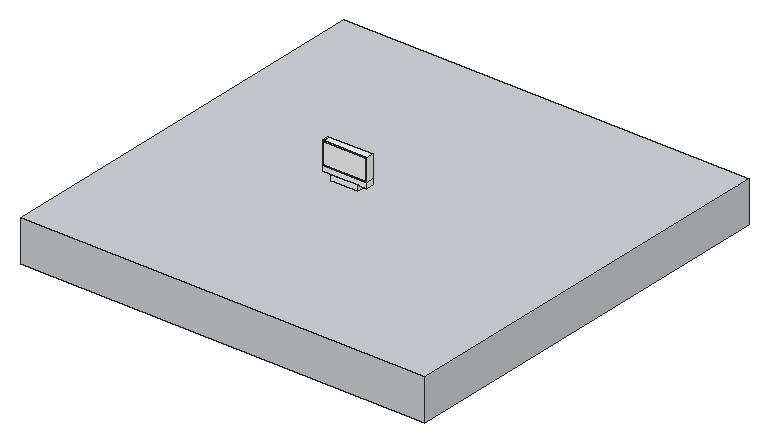
Revit family "Zumtobel ECOSIGN_PL", category Lighting Fixtures, host Face, Revit 2018
Family settings
  Host = Face
  Round Connector Dimension = Use Diameter
  Part Type = Normal
  OmniClass Number = 23.80.70.11
  OmniClass Title = Luminaries for Internal Lighting
  Cut with Voids When Loaded = No
  Light Source = Yes
  Shared = No
  Room Calculation Point = No
Parameters (values of type "ECOSIGN AB RZ 1UL")
  Width = 330.4 mm  # constant formula
  Wattage Comments = ""
  Wattage = 1.32622 W
  built-in parameter 1150110 = 1 (stored number, unit not read)
  Voltage = 230 V
  URL = "www.zumtobel.de/42180506"
  Type Comments = "© Zumtobel. We reserve the right to make technical changes without prior notice."  # constant formula
  built-in parameter 1114217 = 1 (stored number, unit not read)
  Tilt Angle = 180.00°
  built-in parameter 1150109 = 1 (stored number, unit not read)
  built-in parameter 1150134 = 12
  built-in parameter 1150113 = 1 (stored number, unit not read)
  Photometric Web File = "42180506+22166875_(STD).IES"
  built-in parameter 1150105 = 15.677 (stored number, unit not read)
  Lumens = 197 lm
  built-in parameter 1150115 = 1 (stored number, unit not read)
  built-in parameter 1150137 = (empty or 0)
  built-in parameter 1150139 = (empty or 0)
  built-in parameter 1150112 = 1 (stored number, unit not read)
  built-in parameter 1150114 = 1 (stored number, unit not read)
  built-in parameter 1150132 = 2
  built-in parameter 1150102 = (empty or 0)
  built-in parameter 1150107 = 4000 (stored number, unit not read)
  built-in parameter 1150138 = (empty or 0)
  built-in parameter 1150106 = 0.15677 (stored number, unit not read)
  Height = 238 mm  # constant formula
  Escape Sign 2 U = no
  Escape Sign 2 O = no
  Escape Sign 2 LR = no
  Escape Sign 2 UL = no
  Escape Sign 1 U = no
  Escape Sign 1 O = no
  Escape Sign 1 LR = no
  Escape Sign 1 Back Cover = yes
  Escape Sign 1 UL = yes
  Emit from Rectangle Width = 156.2 mm  # constant formula
  Emit from Rectangle Length = 320.6 mm  # constant formula
  Emit Shape Visible in Rendering = no
  built-in parameter 1150104 = 13.8 (stored number, unit not read)
  Dimming Lamp Color Temperature Shift = <None>
  Depth = 54 mm  # constant formula
  Model = "42180506"
  Manufacturer = "Zumtobel Lighting"  # constant formula
  Lamp = "LED"
  Description = "Escape sign LED luminaire ceiling surface-mount"
  Default Elevation = 0 mm
  Color Filter = 16777215
  Body = Zumtobel_Metal_White
  built-in parameter 1114218 = 1 (stored number, unit not read)
  built-in parameter 1150133 = 10 (stored number, unit not read)
  Assembly Code = "D5020200"
  Apparent Load = 5.5 VA
Types (8, lengths in mm): name | Photometric Web File | Escape Sign 2 U | Escape Sign 2 O | Escape Sign 2 LR | Escape Sign 2 UL | Escape Sign 1 U | Escape Sign 1 O | Escape Sign 1 LR | Escape Sign 1 Back Cover | Escape Sign 1 UL | Model
  ECOSIGN AB RZ 2LR | "42180506+22166875_(STD).IES" | no | no | yes | no | no | no | no | no | no | "42180506+22166875"
  ECOSIGN AB RZ 2U | "42180506+22166875_(STD).IES" | yes | no | no | no | no | no | no | no | no | "42180506+22166877"
  ECOSIGN AB RZ 2O | "42180506+22166875_(STD).IES" | no | yes | no | no | no | no | no | no | no | "42180506+22900372"
  ECOSIGN AB RZ 1U | "42180506+22166881_(STD).IES" | no | no | no | no | yes | no | no | yes | no | "42180506+22166876"
  ECOSIGN AB RZ 1O | "42180506+22166881_(STD).IES" | no | no | no | no | no | yes | no | yes | no | "42180506+22900372"
  ECOSIGN AB RZ 1LR | "42180506+22166881_(STD).IES" | no | no | no | no | no | no | yes | yes | no | "42180506+22166880/22166881"
  ECOSIGN aB RZ 2UL | "42180506+22166875_(STD).IES" | no | no | no | yes | no | no | no | no | no | "42180506"
  ECOSIGN AB RZ 1UL | "42180506+22166875_(STD).IES" | no | no | no | no | no | no | no | yes | yes | "42180506"
Reference planes
  plane 1 "Center (Front/Back)": y = 0
  plane 2 "Bottom": z = 0
  plane 3 "Center (Left/Right)": x = -735.5
  plane 4: x = -570.3
  plane 5: x = -900.7
  plane 6: z = 38
  plane 7: z = 78
  plane 8: z = 244
  plane 9: y = 27
  plane 10: y = -27
  plane 11: z = 161
Forms (mm)
  Extrusion 1, solid
    sketch origin (123, 0, 0) x (1, 0, 0) y (0, 1, 0)
      loop
        line (-2085.5, 1500) -> (-2085.5, -1500) -> (914.5, -1500) -> (914.5, 1500) -> (-2085.5, 1500)
    from 0 to -304.8
  Extrusion 2, solid, material "Zumtobel_Metal_White" <- "Body"
    sketch origin (0, 0, 0) x (1, 0, 0) y (0, 1, 0)
      loop
        line (-835.25, 27) -> (-835.25, -27) -> (-635.75, -27) -> (-635.75, 27) -> (-835.25, 27)
    from 38 to 0
  Extrusion 3, solid, material "Zumtobel_Escape_Sign_Green_Self_Illumination", visible <- "Escape Sign 2 O"
    sketch origin (0, 0, 0) x (1, 0, 0) y (0, 0, 1)
      loop
        line (-655.774, 169.161) -> (-653.657, 189.828)
        arc (-653.657, 189.828) -> (-652.107, 193.57) -> (-648.365, 195.12) r 5.292
        line (-648.365, 195.12) -> (-608.257, 195.12)
        arc (-608.257, 195.12) -> (-613.738, 187.311) -> (-622.796, 184.313) r 15.184
        line (-622.796, 184.313) -> (-640.511, 184.313)
        arc (-640.511, 184.313) -> (-642.165, 183.628) -> (-642.85, 181.974) r 2.34
        line (-642.85, 181.974) -> (-643.853, 166.487)
        arc (-643.853, 166.487) -> (-644.617, 161.105) -> (-646.193, 155.903) r 35.586
        line (-646.193, 155.903) -> (-654.047, 140.027) -> (-644.187, 140.027)
        arc (-644.187, 140.027) -> (-643.359, 140.413) -> (-642.739, 141.085) r 2.362
        line (-642.739, 141.085) -> (-634.959, 153.769)
        arc (-634.959, 153.769) -> (-628.608, 155.291) -> (-627.085, 148.94) r 4.619
        line (-627.085, 148.94) -> (-634.996, 135.793)
        arc (-634.996, 135.793) -> (-638.977, 132.155) -> (-644.299, 131.281) r 9.469
        line (-644.299, 131.281) -> (-669.701, 131.281)
        arc (-669.701, 131.281) -> (-675.523, 133.478) -> (-680.12, 137.671) r 16.531
        line (-680.12, 137.671) -> (-688.752, 149.218) -> (-702.345, 149.218) -> (-702.345, 97.579) -> (-619.621, 97.579) -> (-619.621, 182.022)
        arc (-619.621, 182.022) -> (-610.679, 186.511) -> (-605.583, 195.12) r 17.761
        line (-605.583, 195.12) -> (-605.583, 197.85) -> (-619.621, 197.85) -> (-619.621, 216.01) -> (-611.16, 224.471) -> (-665.804, 224.471) -> (-673.623, 217.172)
        arc (-673.623, 217.172) -> (-676.608, 215.207) -> (-680.075, 214.339) r 10.65
        line (-680.075, 214.339) -> (-689.031, 214.339) -> (-678.451, 224.471) -> (-693.884, 224.471) -> (-702.345, 216.01) -> (-702.345, 158.855) -> (-686.524, 158.855)
        arc (-686.524, 158.855) -> (-683.383, 157.484) -> (-680.898, 155.123) r 9.899
        line (-680.898, 155.123) -> (-674.714, 146.767) -> (-667.082, 162.755) -> (-690.869, 211.498) -> (-680.898, 211.498)
        arc (-680.898, 211.498) -> (-678.287, 210.785) -> (-676.4, 208.845) r 5.139
        line (-676.4, 208.845) -> (-655.774, 169.161)
      loop
        circle (-672.303, 119.397) r 9.894
      loop
        line (-575.182, 82.882) -> (-575.182, 239.118) -> (-895.818, 239.118) -> (-895.818, 82.882) -> (-575.182, 82.882)
      loop
        line (-823.71, 211.372) -> (-823.71, 158.399) -> (-854.217, 191.113) -> (-854.217, 157.291) -> (-810.703, 110.628) -> (-767.19, 157.291) -> (-767.19, 191.113) -> (-797.697, 158.399) -> (-797.697, 211.372) -> (-823.71, 211.372)
    from -27 to 27
  Extrusion 4, solid, material "Zumtobel_Escape_Sign_White_Self_Illumination", visible <- "Escape Sign 2 O"
    sketch origin (0, 0, 0) x (1, 0, 0) y (0, 0, 1)
      loop
        line (-655.774, 169.161) -> (-653.657, 189.828)
        arc (-653.657, 189.828) -> (-652.107, 193.57) -> (-648.365, 195.12) r 5.292
        line (-648.365, 195.12) -> (-608.257, 195.12)
        arc (-608.257, 195.12) -> (-613.738, 187.311) -> (-622.796, 184.313) r 15.184
        line (-622.796, 184.313) -> (-640.511, 184.313)
        arc (-640.511, 184.313) -> (-642.165, 183.628) -> (-642.85, 181.974) r 2.34
        line (-642.85, 181.974) -> (-643.853, 166.487)
        arc (-643.853, 166.487) -> (-644.617, 161.105) -> (-646.193, 155.903) r 35.586
        line (-646.193, 155.903) -> (-654.047, 140.027) -> (-644.187, 140.027)
        arc (-644.187, 140.027) -> (-643.359, 140.413) -> (-642.739, 141.085) r 2.362
        line (-642.739, 141.085) -> (-634.959, 153.769)
        arc (-634.959, 153.769) -> (-628.608, 155.291) -> (-627.085, 148.94) r 4.619
        line (-627.085, 148.94) -> (-634.996, 135.793)
        arc (-634.996, 135.793) -> (-638.977, 132.155) -> (-644.299, 131.281) r 9.469
        line (-644.299, 131.281) -> (-669.701, 131.281)
        arc (-669.701, 131.281) -> (-675.523, 133.478) -> (-680.12, 137.671) r 16.531
        line (-680.12, 137.671) -> (-688.752, 149.218) -> (-702.345, 149.218) -> (-702.345, 97.579) -> (-619.621, 97.579) -> (-619.621, 182.022)
        arc (-619.621, 182.022) -> (-610.679, 186.511) -> (-605.583, 195.12) r 17.761
        line (-605.583, 195.12) -> (-605.583, 197.85) -> (-619.621, 197.85) -> (-619.621, 216.01) -> (-611.16, 224.471) -> (-665.804, 224.471) -> (-673.623, 217.172)
        arc (-673.623, 217.172) -> (-676.608, 215.207) -> (-680.075, 214.339) r 10.65
        line (-680.075, 214.339) -> (-689.031, 214.339) -> (-678.451, 224.471) -> (-693.884, 224.471) -> (-702.345, 216.01) -> (-702.345, 158.855) -> (-686.524, 158.855)
        arc (-686.524, 158.855) -> (-683.383, 157.484) -> (-680.898, 155.123) r 9.899
        line (-680.898, 155.123) -> (-674.714, 146.767) -> (-667.082, 162.755) -> (-690.869, 211.498) -> (-680.898, 211.498)
        arc (-680.898, 211.498) -> (-678.287, 210.785) -> (-676.4, 208.845) r 5.139
        line (-676.4, 208.845) -> (-655.774, 169.161)
      loop
        circle (-672.303, 119.397) r 9.894
      loop
        line (-823.71, 211.372) -> (-823.71, 158.399) -> (-854.217, 191.113) -> (-854.217, 157.291) -> (-810.703, 110.628) -> (-767.19, 157.291) -> (-767.19, 191.113) -> (-797.697, 158.399) -> (-797.697, 211.372) -> (-823.71, 211.372)
    from -27 to 27
  Extrusion 5, solid, material "Zumtobel_Metal_White" <- "Body"
    sketch origin (0, 0, 0) x (1, 0, 0) y (0, 0, 1)
      loop
        line (-895.818, 239.118) -> (-895.818, 82.882) -> (-575.182, 82.882) -> (-575.182, 239.118) -> (-895.818, 239.118)
      loop
        line (-900.7, 244) -> (-900.7, 78) -> (-570.3, 78) -> (-570.3, 244) -> (-900.7, 244)
    from -27 to 27
  Extrusion 6, solid, material "Zumtobel_Escape_Sign_Green_Self_Illumination", visible <- "Escape Sign 2 LR"
    sketch origin (0, 0, 0) x (1, 0, 0) y (0, 0, 1)
      loop
        line (-655.774, 169.161) -> (-653.657, 189.828)
        arc (-653.657, 189.828) -> (-652.107, 193.57) -> (-648.365, 195.12) r 5.292
        line (-648.365, 195.12) -> (-608.257, 195.12)
        arc (-608.257, 195.12) -> (-613.738, 187.311) -> (-622.796, 184.313) r 15.184
        line (-622.796, 184.313) -> (-640.511, 184.313)
        arc (-640.511, 184.313) -> (-642.165, 183.628) -> (-642.85, 181.974) r 2.34
        line (-642.85, 181.974) -> (-643.853, 166.487)
        arc (-643.853, 166.487) -> (-644.617, 161.105) -> (-646.193, 155.903) r 35.586
        line (-646.193, 155.903) -> (-654.047, 140.027) -> (-644.187, 140.027)
        arc (-644.187, 140.027) -> (-643.359, 140.413) -> (-642.739, 141.085) r 2.362
        line (-642.739, 141.085) -> (-634.959, 153.769)
        arc (-634.959, 153.769) -> (-628.608, 155.291) -> (-627.085, 148.94) r 4.619
        line (-627.085, 148.94) -> (-634.996, 135.793)
        arc (-634.996, 135.793) -> (-638.977, 132.155) -> (-644.299, 131.281) r 9.469
        line (-644.299, 131.281) -> (-669.701, 131.281)
        arc (-669.701, 131.281) -> (-675.523, 133.478) -> (-680.12, 137.671) r 16.531
        line (-680.12, 137.671) -> (-688.752, 149.218) -> (-702.345, 149.218) -> (-702.345, 97.579) -> (-619.621, 97.579) -> (-619.621, 182.022)
        arc (-619.621, 182.022) -> (-610.679, 186.511) -> (-605.583, 195.12) r 17.761
        line (-605.583, 195.12) -> (-605.583, 197.85) -> (-619.621, 197.85) -> (-619.621, 216.01) -> (-611.16, 224.471) -> (-665.804, 224.471) -> (-673.623, 217.172)
        arc (-673.623, 217.172) -> (-676.608, 215.207) -> (-680.075, 214.339) r 10.65
        line (-680.075, 214.339) -> (-689.031, 214.339) -> (-678.451, 224.471) -> (-693.884, 224.471) -> (-702.345, 216.01) -> (-702.345, 158.855) -> (-686.524, 158.855)
        arc (-686.524, 158.855) -> (-683.383, 157.484) -> (-680.898, 155.123) r 9.899
        line (-680.898, 155.123) -> (-674.714, 146.767) -> (-667.082, 162.755) -> (-690.869, 211.498) -> (-680.898, 211.498)
        arc (-680.898, 211.498) -> (-678.287, 210.785) -> (-676.4, 208.845) r 5.139
        line (-676.4, 208.845) -> (-655.774, 169.161)
      loop
        line (-760.804, 147.52) -> (-760.804, 173.534) -> (-813.778, 173.534) -> (-781.063, 204.041) -> (-814.886, 204.041) -> (-861.549, 160.527) -> (-814.886, 117.013) -> (-781.063, 117.013) -> (-813.778, 147.52) -> (-760.804, 147.52)
      loop
        circle (-672.303, 119.397) r 9.894
      loop
        line (-575.182, 82.882) -> (-575.182, 239.118) -> (-895.818, 239.118) -> (-895.818, 82.882) -> (-575.182, 82.882)
    from -27 to 27
  Extrusion 7, solid, material "Zumtobel_Escape_Sign_White_Self_Illumination", visible <- "Escape Sign 2 LR"
    sketch origin (0, 0, 0) x (1, 0, 0) y (0, 0, 1)
      loop
        line (-655.774, 169.161) -> (-653.657, 189.828)
        arc (-653.657, 189.828) -> (-652.107, 193.57) -> (-648.365, 195.12) r 5.292
        line (-648.365, 195.12) -> (-608.257, 195.12)
        arc (-608.257, 195.12) -> (-613.738, 187.311) -> (-622.796, 184.313) r 15.184
        line (-622.796, 184.313) -> (-640.511, 184.313)
        arc (-640.511, 184.313) -> (-642.165, 183.628) -> (-642.85, 181.974) r 2.34
        line (-642.85, 181.974) -> (-643.853, 166.487)
        arc (-643.853, 166.487) -> (-644.617, 161.105) -> (-646.193, 155.903) r 35.586
        line (-646.193, 155.903) -> (-654.047, 140.027) -> (-644.187, 140.027)
        arc (-644.187, 140.027) -> (-643.359, 140.413) -> (-642.739, 141.085) r 2.362
        line (-642.739, 141.085) -> (-634.959, 153.769)
        arc (-634.959, 153.769) -> (-628.608, 155.291) -> (-627.085, 148.94) r 4.619
        line (-627.085, 148.94) -> (-634.996, 135.793)
        arc (-634.996, 135.793) -> (-638.977, 132.155) -> (-644.299, 131.281) r 9.469
        line (-644.299, 131.281) -> (-669.701, 131.281)
        arc (-669.701, 131.281) -> (-675.523, 133.478) -> (-680.12, 137.671) r 16.531
        line (-680.12, 137.671) -> (-688.752, 149.218) -> (-702.345, 149.218) -> (-702.345, 97.579) -> (-619.621, 97.579) -> (-619.621, 182.022)
        arc (-619.621, 182.022) -> (-610.679, 186.511) -> (-605.583, 195.12) r 17.761
        line (-605.583, 195.12) -> (-605.583, 197.85) -> (-619.621, 197.85) -> (-619.621, 216.01) -> (-611.16, 224.471) -> (-665.804, 224.471) -> (-673.623, 217.172)
        arc (-673.623, 217.172) -> (-676.608, 215.207) -> (-680.075, 214.339) r 10.65
        line (-680.075, 214.339) -> (-689.031, 214.339) -> (-678.451, 224.471) -> (-693.884, 224.471) -> (-702.345, 216.01) -> (-702.345, 158.855) -> (-686.524, 158.855)
        arc (-686.524, 158.855) -> (-683.383, 157.484) -> (-680.898, 155.123) r 9.899
        line (-680.898, 155.123) -> (-674.714, 146.767) -> (-667.082, 162.755) -> (-690.869, 211.498) -> (-680.898, 211.498)
        arc (-680.898, 211.498) -> (-678.287, 210.785) -> (-676.4, 208.845) r 5.139
        line (-676.4, 208.845) -> (-655.774, 169.161)
      loop
        line (-760.804, 147.52) -> (-760.804, 173.534) -> (-813.778, 173.534) -> (-781.063, 204.041) -> (-814.886, 204.041) -> (-861.549, 160.527) -> (-814.886, 117.013) -> (-781.063, 117.013) -> (-813.778, 147.52) -> (-760.804, 147.52)
      loop
        circle (-672.303, 119.397) r 9.894
    from -27 to 27
  Extrusion 8, solid, material "Zumtobel_Escape_Sign_Green_Self_Illumination", visible <- "Escape Sign 2 U"
    sketch origin (0, 0, 0) x (1, 0, 0) y (0, 0, 1)
      loop
        line (-655.774, 169.161) -> (-653.657, 189.828)
        arc (-653.657, 189.828) -> (-652.107, 193.57) -> (-648.365, 195.12) r 5.292
        line (-648.365, 195.12) -> (-608.257, 195.12)
        arc (-608.257, 195.12) -> (-613.738, 187.311) -> (-622.796, 184.313) r 15.184
        line (-622.796, 184.313) -> (-640.511, 184.313)
        arc (-640.511, 184.313) -> (-642.165, 183.628) -> (-642.85, 181.974) r 2.34
        line (-642.85, 181.974) -> (-643.853, 166.487)
        arc (-643.853, 166.487) -> (-644.617, 161.105) -> (-646.193, 155.903) r 35.586
        line (-646.193, 155.903) -> (-654.047, 140.027) -> (-644.187, 140.027)
        arc (-644.187, 140.027) -> (-643.359, 140.413) -> (-642.739, 141.085) r 2.362
        line (-642.739, 141.085) -> (-634.959, 153.769)
        arc (-634.959, 153.769) -> (-628.608, 155.291) -> (-627.085, 148.94) r 4.619
        line (-627.085, 148.94) -> (-634.996, 135.793)
        arc (-634.996, 135.793) -> (-638.977, 132.155) -> (-644.299, 131.281) r 9.469
        line (-644.299, 131.281) -> (-669.701, 131.281)
        arc (-669.701, 131.281) -> (-675.523, 133.478) -> (-680.12, 137.671) r 16.531
        line (-680.12, 137.671) -> (-688.752, 149.218) -> (-702.345, 149.218) -> (-702.345, 97.579) -> (-619.621, 97.579) -> (-619.621, 182.022)
        arc (-619.621, 182.022) -> (-610.679, 186.511) -> (-605.583, 195.12) r 17.761
        line (-605.583, 195.12) -> (-605.583, 197.85) -> (-619.621, 197.85) -> (-619.621, 216.01) -> (-611.16, 224.471) -> (-665.804, 224.471) -> (-673.623, 217.172)
        arc (-673.623, 217.172) -> (-676.608, 215.207) -> (-680.075, 214.339) r 10.65
        line (-680.075, 214.339) -> (-689.031, 214.339) -> (-678.451, 224.471) -> (-693.884, 224.471) -> (-702.345, 216.01) -> (-702.345, 158.855) -> (-686.524, 158.855)
        arc (-686.524, 158.855) -> (-683.383, 157.484) -> (-680.898, 155.123) r 9.899
        line (-680.898, 155.123) -> (-674.714, 146.767) -> (-667.082, 162.755) -> (-690.869, 211.498) -> (-680.898, 211.498)
        arc (-680.898, 211.498) -> (-678.287, 210.785) -> (-676.4, 208.845) r 5.139
        line (-676.4, 208.845) -> (-655.774, 169.161)
      loop
        circle (-672.303, 119.397) r 9.894
      loop
        line (-575.182, 82.882) -> (-575.182, 239.118) -> (-895.818, 239.118) -> (-895.818, 82.882) -> (-575.182, 82.882)
      loop
        line (-797.697, 110.628) -> (-797.697, 163.601) -> (-767.19, 130.887) -> (-767.19, 164.709) -> (-810.703, 211.372) -> (-854.217, 164.709) -> (-854.217, 130.887) -> (-823.71, 163.601) -> (-823.71, 110.628) -> (-797.697, 110.628)
    from -27 to 27
  Extrusion 9, solid, material "Zumtobel_Escape_Sign_White_Self_Illumination", visible <- "Escape Sign 2 U"
    sketch origin (0, 0, 0) x (1, 0, 0) y (0, 0, 1)
      loop
        line (-655.774, 169.161) -> (-653.657, 189.828)
        arc (-653.657, 189.828) -> (-652.107, 193.57) -> (-648.365, 195.12) r 5.292
        line (-648.365, 195.12) -> (-608.257, 195.12)
        arc (-608.257, 195.12) -> (-613.738, 187.311) -> (-622.796, 184.313) r 15.184
        line (-622.796, 184.313) -> (-640.511, 184.313)
        arc (-640.511, 184.313) -> (-642.165, 183.628) -> (-642.85, 181.974) r 2.34
        line (-642.85, 181.974) -> (-643.853, 166.487)
        arc (-643.853, 166.487) -> (-644.617, 161.105) -> (-646.193, 155.903) r 35.586
        line (-646.193, 155.903) -> (-654.047, 140.027) -> (-644.187, 140.027)
        arc (-644.187, 140.027) -> (-643.359, 140.413) -> (-642.739, 141.085) r 2.362
        line (-642.739, 141.085) -> (-634.959, 153.769)
        arc (-634.959, 153.769) -> (-628.608, 155.291) -> (-627.085, 148.94) r 4.619
        line (-627.085, 148.94) -> (-634.996, 135.793)
        arc (-634.996, 135.793) -> (-638.977, 132.155) -> (-644.299, 131.281) r 9.469
        line (-644.299, 131.281) -> (-669.701, 131.281)
        arc (-669.701, 131.281) -> (-675.523, 133.478) -> (-680.12, 137.671) r 16.531
        line (-680.12, 137.671) -> (-688.752, 149.218) -> (-702.345, 149.218) -> (-702.345, 97.579) -> (-619.621, 97.579) -> (-619.621, 182.022)
        arc (-619.621, 182.022) -> (-610.679, 186.511) -> (-605.583, 195.12) r 17.761
        line (-605.583, 195.12) -> (-605.583, 197.85) -> (-619.621, 197.85) -> (-619.621, 216.01) -> (-611.16, 224.471) -> (-665.804, 224.471) -> (-673.623, 217.172)
        arc (-673.623, 217.172) -> (-676.608, 215.207) -> (-680.075, 214.339) r 10.65
        line (-680.075, 214.339) -> (-689.031, 214.339) -> (-678.451, 224.471) -> (-693.884, 224.471) -> (-702.345, 216.01) -> (-702.345, 158.855) -> (-686.524, 158.855)
        arc (-686.524, 158.855) -> (-683.383, 157.484) -> (-680.898, 155.123) r 9.899
        line (-680.898, 155.123) -> (-674.714, 146.767) -> (-667.082, 162.755) -> (-690.869, 211.498) -> (-680.898, 211.498)
        arc (-680.898, 211.498) -> (-678.287, 210.785) -> (-676.4, 208.845) r 5.139
        line (-676.4, 208.845) -> (-655.774, 169.161)
      loop
        circle (-672.303, 119.397) r 9.894
      loop
        line (-797.697, 110.628) -> (-797.697, 163.601) -> (-767.19, 130.887) -> (-767.19, 164.709) -> (-810.703, 211.372) -> (-854.217, 164.709) -> (-854.217, 130.887) -> (-823.71, 163.601) -> (-823.71, 110.628) -> (-797.697, 110.628)
    from -27 to 27
  Extrusion 10, solid, material "Zumtobel_Metal_White" <- "Body"
    sketch origin (0, 0, 38) x (1, 0, 0) y (0, 1, 0)
      loop
        line (-900.7, 27) -> (-900.7, -27) -> (-570.3, -27) -> (-570.3, 27) -> (-900.7, 27)
    from 40 to 0
  Extrusion 11, solid, material "Zumtobel_Escape_Sign_Green_Self_Illumination", visible <- "Escape Sign 1 O"
    sketch origin (-3000, 0, 0) x (1, 0, 0) y (0, 0, 1)
      loop
        line (2344.226, 169.161) -> (2346.343, 189.828)
        arc (2346.343, 189.828) -> (2347.893, 193.57) -> (2351.635, 195.12) r 5.292
        line (2351.635, 195.12) -> (2391.743, 195.12)
        arc (2391.743, 195.12) -> (2386.262, 187.311) -> (2377.204, 184.313) r 15.184
        line (2377.204, 184.313) -> (2359.489, 184.313)
        arc (2359.489, 184.313) -> (2357.835, 183.628) -> (2357.15, 181.974) r 2.34
        line (2357.15, 181.974) -> (2356.147, 166.487)
        arc (2356.147, 166.487) -> (2355.383, 161.105) -> (2353.807, 155.903) r 35.586
        line (2353.807, 155.903) -> (2345.953, 140.027) -> (2355.813, 140.027)
        arc (2355.813, 140.027) -> (2356.641, 140.413) -> (2357.261, 141.085) r 2.362
        line (2357.261, 141.085) -> (2365.041, 153.769)
        arc (2365.041, 153.769) -> (2371.392, 155.291) -> (2372.915, 148.94) r 4.619
        line (2372.915, 148.94) -> (2365.004, 135.793)
        arc (2365.004, 135.793) -> (2361.023, 132.155) -> (2355.701, 131.281) r 9.469
        line (2355.701, 131.281) -> (2330.299, 131.281)
        arc (2330.299, 131.281) -> (2324.477, 133.478) -> (2319.88, 137.671) r 16.531
        line (2319.88, 137.671) -> (2311.248, 149.218) -> (2297.655, 149.218) -> (2297.655, 97.579) -> (2380.379, 97.579) -> (2380.379, 182.022)
        arc (2380.379, 182.022) -> (2389.321, 186.511) -> (2394.417, 195.12) r 17.761
        line (2394.417, 195.12) -> (2394.417, 197.85) -> (2380.379, 197.85) -> (2380.379, 216.01) -> (2388.84, 224.471) -> (2334.196, 224.471) -> (2326.377, 217.172)
        arc (2326.377, 217.172) -> (2323.392, 215.207) -> (2319.925, 214.339) r 10.65
        line (2319.925, 214.339) -> (2310.969, 214.339) -> (2321.549, 224.471) -> (2306.116, 224.471) -> (2297.655, 216.01) -> (2297.655, 158.855) -> (2313.476, 158.855)
        arc (2313.476, 158.855) -> (2316.617, 157.484) -> (2319.102, 155.123) r 9.899
        line (2319.102, 155.123) -> (2325.286, 146.767) -> (2332.918, 162.755) -> (2309.131, 211.498) -> (2319.102, 211.498)
        arc (2319.102, 211.498) -> (2321.713, 210.785) -> (2323.6, 208.845) r 5.139
        line (2323.6, 208.845) -> (2344.226, 169.161)
      loop
        circle (2327.697, 119.397) r 9.894
      loop
        line (2424.818, 82.882) -> (2424.818, 239.118) -> (2104.182, 239.118) -> (2104.182, 82.882) -> (2424.818, 82.882)
      loop
        line (2176.29, 211.372) -> (2176.29, 158.399) -> (2145.783, 191.113) -> (2145.783, 157.291) -> (2189.297, 110.628) -> (2232.81, 157.291) -> (2232.81, 191.113) -> (2202.303, 158.399) -> (2202.303, 211.372) -> (2176.29, 211.372)
    from -27 to -17
  Extrusion 12, solid, material "Zumtobel_Escape_Sign_White_Self_Illumination", visible <- "Escape Sign 1 O"
    sketch origin (-3500, 0, 0) x (1, 0, 0) y (0, 0, 1)
      loop
        line (2844.226, 169.161) -> (2846.343, 189.828)
        arc (2846.343, 189.828) -> (2847.893, 193.57) -> (2851.635, 195.12) r 5.292
        line (2851.635, 195.12) -> (2891.743, 195.12)
        arc (2891.743, 195.12) -> (2886.262, 187.311) -> (2877.204, 184.313) r 15.184
        line (2877.204, 184.313) -> (2859.489, 184.313)
        arc (2859.489, 184.313) -> (2857.835, 183.628) -> (2857.15, 181.974) r 2.34
        line (2857.15, 181.974) -> (2856.147, 166.487)
        arc (2856.147, 166.487) -> (2855.383, 161.105) -> (2853.807, 155.903) r 35.586
        line (2853.807, 155.903) -> (2845.953, 140.027) -> (2855.813, 140.027)
        arc (2855.813, 140.027) -> (2856.641, 140.413) -> (2857.261, 141.085) r 2.362
        line (2857.261, 141.085) -> (2865.041, 153.769)
        arc (2865.041, 153.769) -> (2871.392, 155.291) -> (2872.915, 148.94) r 4.619
        line (2872.915, 148.94) -> (2865.004, 135.793)
        arc (2865.004, 135.793) -> (2861.023, 132.155) -> (2855.701, 131.281) r 9.469
        line (2855.701, 131.281) -> (2830.299, 131.281)
        arc (2830.299, 131.281) -> (2824.477, 133.478) -> (2819.88, 137.671) r 16.531
        line (2819.88, 137.671) -> (2811.248, 149.218) -> (2797.655, 149.218) -> (2797.655, 97.579) -> (2880.379, 97.579) -> (2880.379, 182.022)
        arc (2880.379, 182.022) -> (2889.321, 186.511) -> (2894.417, 195.12) r 17.761
        line (2894.417, 195.12) -> (2894.417, 197.85) -> (2880.379, 197.85) -> (2880.379, 216.01) -> (2888.84, 224.471) -> (2834.196, 224.471) -> (2826.377, 217.172)
        arc (2826.377, 217.172) -> (2823.392, 215.207) -> (2819.925, 214.339) r 10.65
        line (2819.925, 214.339) -> (2810.969, 214.339) -> (2821.549, 224.471) -> (2806.116, 224.471) -> (2797.655, 216.01) -> (2797.655, 158.855) -> (2813.476, 158.855)
        arc (2813.476, 158.855) -> (2816.617, 157.484) -> (2819.102, 155.123) r 9.899
        line (2819.102, 155.123) -> (2825.286, 146.767) -> (2832.918, 162.755) -> (2809.131, 211.498) -> (2819.102, 211.498)
        arc (2819.102, 211.498) -> (2821.713, 210.785) -> (2823.6, 208.845) r 5.139
        line (2823.6, 208.845) -> (2844.226, 169.161)
      loop
        circle (2827.697, 119.397) r 9.894
      loop
        line (2676.29, 211.372) -> (2676.29, 158.399) -> (2645.783, 191.113) -> (2645.783, 157.291) -> (2689.297, 110.628) -> (2732.81, 157.291) -> (2732.81, 191.113) -> (2702.303, 158.399) -> (2702.303, 211.372) -> (2676.29, 211.372)
    from -27 to -17
  Extrusion 13, solid, material "Zumtobel_Escape_Sign_Green_Self_Illumination", visible <- "Escape Sign 1 LR"
    sketch origin (-2500, 0, 0) x (1, 0, 0) y (0, 0, 1)
      loop
        line (1844.226, 169.161) -> (1846.343, 189.828)
        arc (1846.343, 189.828) -> (1847.893, 193.57) -> (1851.635, 195.12) r 5.292
        line (1851.635, 195.12) -> (1891.743, 195.12)
        arc (1891.743, 195.12) -> (1886.262, 187.311) -> (1877.204, 184.313) r 15.184
        line (1877.204, 184.313) -> (1859.489, 184.313)
        arc (1859.489, 184.313) -> (1857.835, 183.628) -> (1857.15, 181.974) r 2.34
        line (1857.15, 181.974) -> (1856.147, 166.487)
        arc (1856.147, 166.487) -> (1855.383, 161.105) -> (1853.807, 155.903) r 35.586
        line (1853.807, 155.903) -> (1845.953, 140.027) -> (1855.813, 140.027)
        arc (1855.813, 140.027) -> (1856.641, 140.413) -> (1857.261, 141.085) r 2.362
        line (1857.261, 141.085) -> (1865.041, 153.769)
        arc (1865.041, 153.769) -> (1871.392, 155.291) -> (1872.915, 148.94) r 4.619
        line (1872.915, 148.94) -> (1865.004, 135.793)
        arc (1865.004, 135.793) -> (1861.023, 132.155) -> (1855.701, 131.281) r 9.469
        line (1855.701, 131.281) -> (1830.299, 131.281)
        arc (1830.299, 131.281) -> (1824.477, 133.478) -> (1819.88, 137.671) r 16.531
        line (1819.88, 137.671) -> (1811.248, 149.218) -> (1797.655, 149.218) -> (1797.655, 97.579) -> (1880.379, 97.579) -> (1880.379, 182.022)
        arc (1880.379, 182.022) -> (1889.321, 186.511) -> (1894.417, 195.12) r 17.761
        line (1894.417, 195.12) -> (1894.417, 197.85) -> (1880.379, 197.85) -> (1880.379, 216.01) -> (1888.84, 224.471) -> (1834.196, 224.471) -> (1826.377, 217.172)
        arc (1826.377, 217.172) -> (1823.392, 215.207) -> (1819.925, 214.339) r 10.65
        line (1819.925, 214.339) -> (1810.969, 214.339) -> (1821.549, 224.471) -> (1806.116, 224.471) -> (1797.655, 216.01) -> (1797.655, 158.855) -> (1813.476, 158.855)
        arc (1813.476, 158.855) -> (1816.617, 157.484) -> (1819.102, 155.123) r 9.899
        line (1819.102, 155.123) -> (1825.286, 146.767) -> (1832.918, 162.755) -> (1809.131, 211.498) -> (1819.102, 211.498)
        arc (1819.102, 211.498) -> (1821.713, 210.785) -> (1823.6, 208.845) r 5.139
        line (1823.6, 208.845) -> (1844.226, 169.161)
      loop
        line (1739.196, 147.52) -> (1739.196, 173.534) -> (1686.222, 173.534) -> (1718.937, 204.041) -> (1685.114, 204.041) -> (1638.451, 160.527) -> (1685.114, 117.013) -> (1718.937, 117.013) -> (1686.222, 147.52) -> (1739.196, 147.52)
      loop
        circle (1827.697, 119.397) r 9.894
      loop
        line (1924.818, 82.882) -> (1924.818, 239.118) -> (1604.182, 239.118) -> (1604.182, 82.882) -> (1924.818, 82.882)
    from -27 to -17
  Extrusion 14, solid, material "Zumtobel_Escape_Sign_White_Self_Illumination", visible <- "Escape Sign 1 LR"
    sketch origin (-2000, 0, 0) x (1, 0, 0) y (0, 0, 1)
      loop
        line (1344.226, 169.161) -> (1346.343, 189.828)
        arc (1346.343, 189.828) -> (1347.893, 193.57) -> (1351.635, 195.12) r 5.292
        line (1351.635, 195.12) -> (1391.743, 195.12)
        arc (1391.743, 195.12) -> (1386.262, 187.311) -> (1377.204, 184.313) r 15.184
        line (1377.204, 184.313) -> (1359.489, 184.313)
        arc (1359.489, 184.313) -> (1357.835, 183.628) -> (1357.15, 181.974) r 2.34
        line (1357.15, 181.974) -> (1356.147, 166.487)
        arc (1356.147, 166.487) -> (1355.383, 161.105) -> (1353.807, 155.903) r 35.586
        line (1353.807, 155.903) -> (1345.953, 140.027) -> (1355.813, 140.027)
        arc (1355.813, 140.027) -> (1356.641, 140.413) -> (1357.261, 141.085) r 2.362
        line (1357.261, 141.085) -> (1365.041, 153.769)
        arc (1365.041, 153.769) -> (1371.392, 155.291) -> (1372.915, 148.94) r 4.619
        line (1372.915, 148.94) -> (1365.004, 135.793)
        arc (1365.004, 135.793) -> (1361.023, 132.155) -> (1355.701, 131.281) r 9.469
        line (1355.701, 131.281) -> (1330.299, 131.281)
        arc (1330.299, 131.281) -> (1324.477, 133.478) -> (1319.88, 137.671) r 16.531
        line (1319.88, 137.671) -> (1311.248, 149.218) -> (1297.655, 149.218) -> (1297.655, 97.579) -> (1380.379, 97.579) -> (1380.379, 182.022)
        arc (1380.379, 182.022) -> (1389.321, 186.511) -> (1394.417, 195.12) r 17.761
        line (1394.417, 195.12) -> (1394.417, 197.85) -> (1380.379, 197.85) -> (1380.379, 216.01) -> (1388.84, 224.471) -> (1334.196, 224.471) -> (1326.377, 217.172)
        arc (1326.377, 217.172) -> (1323.392, 215.207) -> (1319.925, 214.339) r 10.65
        line (1319.925, 214.339) -> (1310.969, 214.339) -> (1321.549, 224.471) -> (1306.116, 224.471) -> (1297.655, 216.01) -> (1297.655, 158.855) -> (1313.476, 158.855)
        arc (1313.476, 158.855) -> (1316.617, 157.484) -> (1319.102, 155.123) r 9.899
        line (1319.102, 155.123) -> (1325.286, 146.767) -> (1332.918, 162.755) -> (1309.131, 211.498) -> (1319.102, 211.498)
        arc (1319.102, 211.498) -> (1321.713, 210.785) -> (1323.6, 208.845) r 5.139
        line (1323.6, 208.845) -> (1344.226, 169.161)
      loop
        line (1239.196, 147.52) -> (1239.196, 173.534) -> (1186.222, 173.534) -> (1218.937, 204.041) -> (1185.114, 204.041) -> (1138.451, 160.527) -> (1185.114, 117.013) -> (1218.937, 117.013) -> (1186.222, 147.52) -> (1239.196, 147.52)
      loop
        circle (1327.697, 119.397) r 9.894
    from -27 to -17
  Extrusion 15, solid, material "Zumtobel_Escape_Sign_Green_Self_Illumination", visible <- "Escape Sign 1 U"
    sketch origin (-1500, 0, 0) x (1, 0, 0) y (0, 0, 1)
      loop
        line (844.226, 169.161) -> (846.343, 189.828)
        arc (846.343, 189.828) -> (847.893, 193.57) -> (851.635, 195.12) r 5.292
        line (851.635, 195.12) -> (891.743, 195.12)
        arc (891.743, 195.12) -> (886.262, 187.311) -> (877.204, 184.313) r 15.184
        line (877.204, 184.313) -> (859.489, 184.313)
        arc (859.489, 184.313) -> (857.835, 183.628) -> (857.15, 181.974) r 2.34
        line (857.15, 181.974) -> (856.147, 166.487)
        arc (856.147, 166.487) -> (855.383, 161.105) -> (853.807, 155.903) r 35.586
        line (853.807, 155.903) -> (845.953, 140.027) -> (855.813, 140.027)
        arc (855.813, 140.027) -> (856.641, 140.413) -> (857.261, 141.085) r 2.362
        line (857.261, 141.085) -> (865.041, 153.769)
        arc (865.041, 153.769) -> (871.392, 155.291) -> (872.915, 148.94) r 4.619
        line (872.915, 148.94) -> (865.004, 135.793)
        arc (865.004, 135.793) -> (861.023, 132.155) -> (855.701, 131.281) r 9.469
        line (855.701, 131.281) -> (830.299, 131.281)
        arc (830.299, 131.281) -> (824.477, 133.478) -> (819.88, 137.671) r 16.531
        line (819.88, 137.671) -> (811.248, 149.218) -> (797.655, 149.218) -> (797.655, 97.579) -> (880.379, 97.579) -> (880.379, 182.022)
        arc (880.379, 182.022) -> (889.321, 186.511) -> (894.417, 195.12) r 17.761
        line (894.417, 195.12) -> (894.417, 197.85) -> (880.379, 197.85) -> (880.379, 216.01) -> (888.84, 224.471) -> (834.196, 224.471) -> (826.377, 217.172)
        arc (826.377, 217.172) -> (823.392, 215.207) -> (819.925, 214.339) r 10.65
        line (819.925, 214.339) -> (810.969, 214.339) -> (821.549, 224.471) -> (806.116, 224.471) -> (797.655, 216.01) -> (797.655, 158.855) -> (813.476, 158.855)
        arc (813.476, 158.855) -> (816.617, 157.484) -> (819.102, 155.123) r 9.899
        line (819.102, 155.123) -> (825.286, 146.767) -> (832.918, 162.755) -> (809.131, 211.498) -> (819.102, 211.498)
        arc (819.102, 211.498) -> (821.713, 210.785) -> (823.6, 208.845) r 5.139
        line (823.6, 208.845) -> (844.226, 169.161)
      loop
        circle (827.697, 119.397) r 9.894
      loop
        line (924.818, 82.882) -> (924.818, 239.118) -> (604.182, 239.118) -> (604.182, 82.882) -> (924.818, 82.882)
      loop
        line (702.303, 110.628) -> (702.303, 163.601) -> (732.81, 130.887) -> (732.81, 164.709) -> (689.297, 211.372) -> (645.783, 164.709) -> (645.783, 130.887) -> (676.29, 163.601) -> (676.29, 110.628) -> (702.303, 110.628)
    from -27 to -17
  Extrusion 16, solid, material "Zumtobel_Escape_Sign_White_Self_Illumination", visible <- "Escape Sign 1 U"
    sketch origin (-1000, 0, 0) x (1, 0, 0) y (0, 0, 1)
      loop
        line (344.226, 169.161) -> (346.343, 189.828)
        arc (346.343, 189.828) -> (347.893, 193.57) -> (351.635, 195.12) r 5.292
        line (351.635, 195.12) -> (391.743, 195.12)
        arc (391.743, 195.12) -> (386.262, 187.311) -> (377.204, 184.313) r 15.184
        line (377.204, 184.313) -> (359.489, 184.313)
        arc (359.489, 184.313) -> (357.835, 183.628) -> (357.15, 181.974) r 2.34
        line (357.15, 181.974) -> (356.147, 166.487)
        arc (356.147, 166.487) -> (355.383, 161.105) -> (353.807, 155.903) r 35.586
        line (353.807, 155.903) -> (345.953, 140.027) -> (355.813, 140.027)
        arc (355.813, 140.027) -> (356.641, 140.413) -> (357.261, 141.085) r 2.362
        line (357.261, 141.085) -> (365.041, 153.769)
        arc (365.041, 153.769) -> (371.392, 155.291) -> (372.915, 148.94) r 4.619
        line (372.915, 148.94) -> (365.004, 135.793)
        arc (365.004, 135.793) -> (361.023, 132.155) -> (355.701, 131.281) r 9.469
        line (355.701, 131.281) -> (330.299, 131.281)
        arc (330.299, 131.281) -> (324.477, 133.478) -> (319.88, 137.671) r 16.531
        line (319.88, 137.671) -> (311.248, 149.218) -> (297.655, 149.218) -> (297.655, 97.579) -> (380.379, 97.579) -> (380.379, 182.022)
        arc (380.379, 182.022) -> (389.321, 186.511) -> (394.417, 195.12) r 17.761
        line (394.417, 195.12) -> (394.417, 197.85) -> (380.379, 197.85) -> (380.379, 216.01) -> (388.84, 224.471) -> (334.196, 224.471) -> (326.377, 217.172)
        arc (326.377, 217.172) -> (323.392, 215.207) -> (319.925, 214.339) r 10.65
        line (319.925, 214.339) -> (310.969, 214.339) -> (321.549, 224.471) -> (306.116, 224.471) -> (297.655, 216.01) -> (297.655, 158.855) -> (313.476, 158.855)
        arc (313.476, 158.855) -> (316.617, 157.484) -> (319.102, 155.123) r 9.899
        line (319.102, 155.123) -> (325.286, 146.767) -> (332.918, 162.755) -> (309.131, 211.498) -> (319.102, 211.498)
        arc (319.102, 211.498) -> (321.713, 210.785) -> (323.6, 208.845) r 5.139
        line (323.6, 208.845) -> (344.226, 169.161)
      loop
        circle (327.697, 119.397) r 9.894
      loop
        line (202.303, 110.628) -> (202.303, 163.601) -> (232.81, 130.887) -> (232.81, 164.709) -> (189.297, 211.372) -> (145.783, 164.709) -> (145.783, 130.887) -> (176.29, 163.601) -> (176.29, 110.628) -> (202.303, 110.628)
    from -27 to -17
  Extrusion 17, solid, material "Zumtobel_Escape_Sign_White_Self_Illumination", visible <- "Escape Sign 1 Back Cover"
    sketch origin (-1500, 0, 0) x (1, 0, 0) y (0, 0, 1)
      loop
        line (924.818, 239.118) -> (604.182, 239.118) -> (604.182, 82.882) -> (924.818, 82.882) -> (924.818, 239.118)
    from 27 to -17
  Extrusion 18, solid, material "Zumtobel_Escape_Sign_White_Self_Illumination", visible <- "Escape Sign 2 UL"
    sketch origin (0, 0, 0) x (1, 0, 0) y (0, 0, 1)
      loop
        line (-655.774, 169.161) -> (-653.657, 189.828)
        arc (-653.657, 189.828) -> (-652.107, 193.57) -> (-648.365, 195.12) r 5.292
        line (-648.365, 195.12) -> (-608.257, 195.12)
        arc (-608.257, 195.12) -> (-613.738, 187.311) -> (-622.796, 184.313) r 15.184
        line (-622.796, 184.313) -> (-640.511, 184.313)
        arc (-640.511, 184.313) -> (-642.165, 183.628) -> (-642.85, 181.974) r 2.34
        line (-642.85, 181.974) -> (-643.853, 166.487)
        arc (-643.853, 166.487) -> (-644.617, 161.105) -> (-646.193, 155.903) r 35.586
        line (-646.193, 155.903) -> (-654.047, 140.027) -> (-644.187, 140.027)
        arc (-644.187, 140.027) -> (-643.359, 140.413) -> (-642.739, 141.085) r 2.362
        line (-642.739, 141.085) -> (-634.959, 153.769)
        arc (-634.959, 153.769) -> (-628.608, 155.291) -> (-627.085, 148.94) r 4.619
        line (-627.085, 148.94) -> (-634.996, 135.793)
        arc (-634.996, 135.793) -> (-638.977, 132.155) -> (-644.299, 131.281) r 9.469
        line (-644.299, 131.281) -> (-669.701, 131.281)
        arc (-669.701, 131.281) -> (-675.523, 133.478) -> (-680.12, 137.671) r 16.531
        line (-680.12, 137.671) -> (-688.752, 149.218) -> (-702.345, 149.218) -> (-702.345, 97.579) -> (-619.621, 97.579) -> (-619.621, 182.022)
        arc (-619.621, 182.022) -> (-610.679, 186.511) -> (-605.583, 195.12) r 17.761
        line (-605.583, 195.12) -> (-605.583, 197.85) -> (-619.621, 197.85) -> (-619.621, 216.01) -> (-611.16, 224.471) -> (-665.804, 224.471) -> (-673.623, 217.172)
        arc (-673.623, 217.172) -> (-676.608, 215.207) -> (-680.075, 214.339) r 10.65
        line (-680.075, 214.339) -> (-689.031, 214.339) -> (-678.451, 224.471) -> (-693.884, 224.471) -> (-702.345, 216.01) -> (-702.345, 158.855) -> (-686.524, 158.855)
        arc (-686.524, 158.855) -> (-683.383, 157.484) -> (-680.898, 155.123) r 9.899
        line (-680.898, 155.123) -> (-674.714, 146.767) -> (-667.082, 162.755) -> (-690.869, 211.498) -> (-680.898, 211.498)
        arc (-680.898, 211.498) -> (-678.287, 210.785) -> (-676.4, 208.845) r 5.139
        line (-676.4, 208.845) -> (-655.774, 169.161)
      loop
        circle (-672.303, 119.397) r 9.894
      loop
        line (-765.888, 134.579) -> (-803.346, 172.037) -> (-758.641, 170.476) -> (-782.557, 194.392) -> (-846.322, 196.618) -> (-844.095, 132.854) -> (-820.179, 108.938) -> (-821.74, 153.642) -> (-784.282, 116.184) -> (-765.888, 134.579)
    from -27 to 27
  Extrusion 19, solid, material "Zumtobel_Escape_Sign_Green_Self_Illumination", visible <- "Escape Sign 2 UL"
    sketch origin (0, 0, 0) x (1, 0, 0) y (0, 0, 1)
      loop
        line (-655.774, 169.161) -> (-653.657, 189.828)
        arc (-653.657, 189.828) -> (-652.107, 193.57) -> (-648.365, 195.12) r 5.292
        line (-648.365, 195.12) -> (-608.257, 195.12)
        arc (-608.257, 195.12) -> (-613.738, 187.311) -> (-622.796, 184.313) r 15.184
        line (-622.796, 184.313) -> (-640.511, 184.313)
        arc (-640.511, 184.313) -> (-642.165, 183.628) -> (-642.85, 181.974) r 2.34
        line (-642.85, 181.974) -> (-643.853, 166.487)
        arc (-643.853, 166.487) -> (-644.617, 161.105) -> (-646.193, 155.903) r 35.586
        line (-646.193, 155.903) -> (-654.047, 140.027) -> (-644.187, 140.027)
        arc (-644.187, 140.027) -> (-643.359, 140.413) -> (-642.739, 141.085) r 2.362
        line (-642.739, 141.085) -> (-634.959, 153.769)
        arc (-634.959, 153.769) -> (-628.608, 155.291) -> (-627.085, 148.94) r 4.619
        line (-627.085, 148.94) -> (-634.996, 135.793)
        arc (-634.996, 135.793) -> (-638.977, 132.155) -> (-644.299, 131.281) r 9.469
        line (-644.299, 131.281) -> (-669.701, 131.281)
        arc (-669.701, 131.281) -> (-675.523, 133.478) -> (-680.12, 137.671) r 16.531
        line (-680.12, 137.671) -> (-688.752, 149.218) -> (-702.345, 149.218) -> (-702.345, 97.579) -> (-619.621, 97.579) -> (-619.621, 182.022)
        arc (-619.621, 182.022) -> (-610.679, 186.511) -> (-605.583, 195.12) r 17.761
        line (-605.583, 195.12) -> (-605.583, 197.85) -> (-619.621, 197.85) -> (-619.621, 216.01) -> (-611.16, 224.471) -> (-665.804, 224.471) -> (-673.623, 217.172)
        arc (-673.623, 217.172) -> (-676.608, 215.207) -> (-680.075, 214.339) r 10.65
        line (-680.075, 214.339) -> (-689.031, 214.339) -> (-678.451, 224.471) -> (-693.884, 224.471) -> (-702.345, 216.01) -> (-702.345, 158.855) -> (-686.524, 158.855)
        arc (-686.524, 158.855) -> (-683.383, 157.484) -> (-680.898, 155.123) r 9.899
        line (-680.898, 155.123) -> (-674.714, 146.767) -> (-667.082, 162.755) -> (-690.869, 211.498) -> (-680.898, 211.498)
        arc (-680.898, 211.498) -> (-678.287, 210.785) -> (-676.4, 208.845) r 5.139
        line (-676.4, 208.845) -> (-655.774, 169.161)
      loop
        circle (-672.303, 119.397) r 9.894
      loop
        line (-575.182, 82.882) -> (-575.182, 239.118) -> (-895.818, 239.118) -> (-895.818, 82.882) -> (-575.182, 82.882)
      loop
        line (-765.888, 134.579) -> (-803.346, 172.037) -> (-758.641, 170.476) -> (-782.557, 194.392) -> (-846.322, 196.618) -> (-844.095, 132.854) -> (-820.179, 108.938) -> (-821.74, 153.642) -> (-784.282, 116.184) -> (-765.888, 134.579)
    from -27 to 27
  Extrusion 20, solid, material "Zumtobel_Escape_Sign_White_Self_Illumination", visible <- "Escape Sign 1 UL"
    sketch origin (-2000, 0, 0) x (1, 0, 0) y (0, 0, 1)
      loop
        line (1344.226, 169.161) -> (1346.343, 189.828)
        arc (1346.343, 189.828) -> (1347.893, 193.57) -> (1351.635, 195.12) r 5.292
        line (1351.635, 195.12) -> (1391.743, 195.12)
        arc (1391.743, 195.12) -> (1386.262, 187.311) -> (1377.204, 184.313) r 15.184
        line (1377.204, 184.313) -> (1359.489, 184.313)
        arc (1359.489, 184.313) -> (1357.835, 183.628) -> (1357.15, 181.974) r 2.34
        line (1357.15, 181.974) -> (1356.147, 166.487)
        arc (1356.147, 166.487) -> (1355.383, 161.105) -> (1353.807, 155.903) r 35.586
        line (1353.807, 155.903) -> (1345.953, 140.027) -> (1355.813, 140.027)
        arc (1355.813, 140.027) -> (1356.641, 140.413) -> (1357.261, 141.085) r 2.362
        line (1357.261, 141.085) -> (1365.041, 153.769)
        arc (1365.041, 153.769) -> (1371.392, 155.291) -> (1372.915, 148.94) r 4.619
        line (1372.915, 148.94) -> (1365.004, 135.793)
        arc (1365.004, 135.793) -> (1361.023, 132.155) -> (1355.701, 131.281) r 9.469
        line (1355.701, 131.281) -> (1330.299, 131.281)
        arc (1330.299, 131.281) -> (1324.477, 133.478) -> (1319.88, 137.671) r 16.531
        line (1319.88, 137.671) -> (1311.248, 149.218) -> (1297.655, 149.218) -> (1297.655, 97.579) -> (1380.379, 97.579) -> (1380.379, 182.022)
        arc (1380.379, 182.022) -> (1389.321, 186.511) -> (1394.417, 195.12) r 17.761
        line (1394.417, 195.12) -> (1394.417, 197.85) -> (1380.379, 197.85) -> (1380.379, 216.01) -> (1388.84, 224.471) -> (1334.196, 224.471) -> (1326.377, 217.172)
        arc (1326.377, 217.172) -> (1323.392, 215.207) -> (1319.925, 214.339) r 10.65
        line (1319.925, 214.339) -> (1310.969, 214.339) -> (1321.549, 224.471) -> (1306.116, 224.471) -> (1297.655, 216.01) -> (1297.655, 158.855) -> (1313.476, 158.855)
        arc (1313.476, 158.855) -> (1316.617, 157.484) -> (1319.102, 155.123) r 9.899
        line (1319.102, 155.123) -> (1325.286, 146.767) -> (1332.918, 162.755) -> (1309.131, 211.498) -> (1319.102, 211.498)
        arc (1319.102, 211.498) -> (1321.713, 210.785) -> (1323.6, 208.845) r 5.139
        line (1323.6, 208.845) -> (1344.226, 169.161)
      loop
        line (1215.245, 115.711) -> (1233.639, 134.106) -> (1196.181, 171.564) -> (1240.886, 170.003) -> (1216.97, 193.919) -> (1153.205, 196.146) -> (1155.432, 132.381) -> (1179.348, 108.465) -> (1177.787, 153.169) -> (1215.245, 115.711)
      loop
        circle (1327.697, 119.397) r 9.894
    from -27 to -17
  Extrusion 21, solid, material "Zumtobel_Escape_Sign_Green_Self_Illumination", visible <- "Escape Sign 1 UL"
    sketch origin (-2500, 0, 0) x (1, 0, 0) y (0, 0, 1)
      loop
        line (1844.226, 169.161) -> (1846.343, 189.828)
        arc (1846.343, 189.828) -> (1847.893, 193.57) -> (1851.635, 195.12) r 5.292
        line (1851.635, 195.12) -> (1891.743, 195.12)
        arc (1891.743, 195.12) -> (1886.262, 187.311) -> (1877.204, 184.313) r 15.184
        line (1877.204, 184.313) -> (1859.489, 184.313)
        arc (1859.489, 184.313) -> (1857.835, 183.628) -> (1857.15, 181.974) r 2.34
        line (1857.15, 181.974) -> (1856.147, 166.487)
        arc (1856.147, 166.487) -> (1855.383, 161.105) -> (1853.807, 155.903) r 35.586
        line (1853.807, 155.903) -> (1845.953, 140.027) -> (1855.813, 140.027)
        arc (1855.813, 140.027) -> (1856.641, 140.413) -> (1857.261, 141.085) r 2.362
        line (1857.261, 141.085) -> (1865.041, 153.769)
        arc (1865.041, 153.769) -> (1871.392, 155.291) -> (1872.915, 148.94) r 4.619
        line (1872.915, 148.94) -> (1865.004, 135.793)
        arc (1865.004, 135.793) -> (1861.023, 132.155) -> (1855.701, 131.281) r 9.469
        line (1855.701, 131.281) -> (1830.299, 131.281)
        arc (1830.299, 131.281) -> (1824.477, 133.478) -> (1819.88, 137.671) r 16.531
        line (1819.88, 137.671) -> (1811.248, 149.218) -> (1797.655, 149.218) -> (1797.655, 97.579) -> (1880.379, 97.579) -> (1880.379, 182.022)
        arc (1880.379, 182.022) -> (1889.321, 186.511) -> (1894.417, 195.12) r 17.761
        line (1894.417, 195.12) -> (1894.417, 197.85) -> (1880.379, 197.85) -> (1880.379, 216.01) -> (1888.84, 224.471) -> (1834.196, 224.471) -> (1826.377, 217.172)
        arc (1826.377, 217.172) -> (1823.392, 215.207) -> (1819.925, 214.339) r 10.65
        line (1819.925, 214.339) -> (1810.969, 214.339) -> (1821.549, 224.471) -> (1806.116, 224.471) -> (1797.655, 216.01) -> (1797.655, 158.855) -> (1813.476, 158.855)
        arc (1813.476, 158.855) -> (1816.617, 157.484) -> (1819.102, 155.123) r 9.899
        line (1819.102, 155.123) -> (1825.286, 146.767) -> (1832.918, 162.755) -> (1809.131, 211.498) -> (1819.102, 211.498)
        arc (1819.102, 211.498) -> (1821.713, 210.785) -> (1823.6, 208.845) r 5.139
        line (1823.6, 208.845) -> (1844.226, 169.161)
      loop
        line (1715.245, 115.711) -> (1733.639, 134.106) -> (1696.181, 171.564) -> (1740.886, 170.003) -> (1716.97, 193.919) -> (1653.205, 196.146) -> (1655.432, 132.381) -> (1679.348, 108.465) -> (1677.787, 153.169) -> (1715.245, 115.711)
      loop
        circle (1827.697, 119.397) r 9.894
      loop
        line (1924.818, 82.882) -> (1924.818, 239.118) -> (1604.182, 239.118) -> (1604.182, 82.882) -> (1924.818, 82.882)
    from -27 to -17
Lines and regions (mm)
  symbolic lines, not visible, detail levels coarse
    curve 1: line (-735.5, 80, 0) -> (-735.5, -80, 0)
    curve 2: line (-735.5, 80, 0) -> (-735.5, -80, 0)
Dimensions and locks
  plane 3 "Center (Left/Right)" to plane 4 = 165.2 mm
  plane 5 to plane 4 = 330.4 mm
  plane 8 to plane 7 to plane 6 to plane 2 "Bottom" = 166 mm locked, 40 mm locked, 38 mm locked
  aligned and locked: plane 2 "Bottom" to Extrusion 1
  aligned and locked: level to Extrusion 1
  aligned and locked: plane 6 to Extrusion 2
  aligned and locked: Extrusion 2 to plane 2 "Bottom"
  aligned and locked: plane 7 to Extrusion 10
  aligned and locked: Extrusion 10 to plane 6
  aligned and locked: plane 1 "Center (Front/Back)" to imposter light
  aligned and locked: plane 11 to imposter light
Connectors
  electrical at (-735.5, 0, 0), driven by "Apparent Load", driven by "Voltage"
    settings: index 1, voltage 230 V, apparent load 0 VA, apparent load phase1 5.5 VA, apparent load phase2 0 VA, apparent load phase3 0 VA, power factor 1, load classification "Lighting", number of poles 1, system type 31, power factor state 1, is connector primary yes, connector utility no, sub classification motor no, connector description ""
